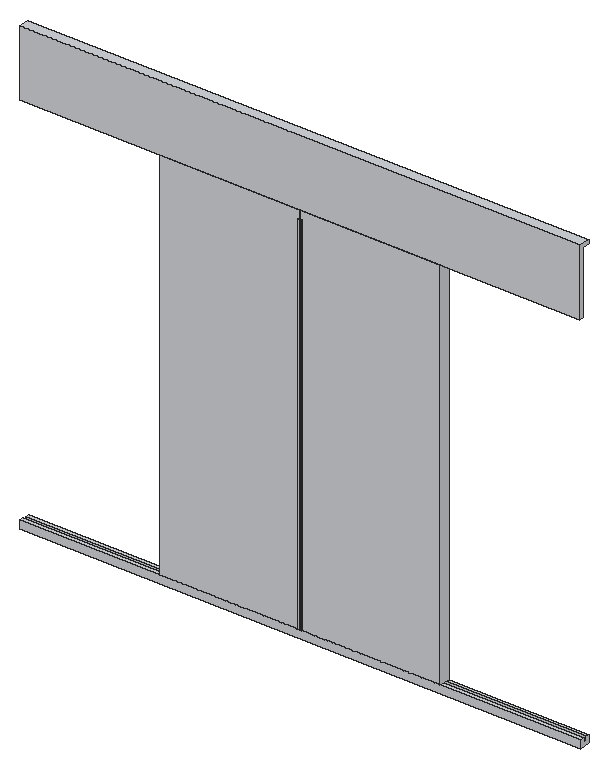
Revit family "Center Opening_2 Panels", category Generic Models, Revit 2021
Family settings
  Can host rebar = No
  Round Connector Dimension = Use Diameter
  Part Type = Normal
  Work Plane-Based = No
  Always vertical = Yes
  Cut with Voids When Loaded = No
  Shared = No
  Room Calculation Point = No
Parameters
  track width = 3200 mm
  sill-track width = (sill thickness - sill track gap) / 2  # 22 mm
  sill track gap = 16 mm
  sill thickness = 60 mm
  header width = 3200 mm
  header thickness = 60 mm
  header frame thickness = 20 mm
  framing width = 12 mm
  frame thickness = 1 mm
  door thickness = 60 mm
  Photocell = yes
  OperationType = "Not vertically sliding, Centre opening"
  Number of panel = 2
  Mechnical Safety Edge = yes
  Light Curtain/Photocell Brand = "BCA55 Y"
  Light Curtain = yes
  DoorLockOpenableFromPit = yes
  Door Width = 800 mm
  Door Height = 2150 mm
  Default Elevation = 0 mm
  Car Door Operator Model = "BCA Drive X"
  Car Door Operator Brand = "BCA brand"
Reference planes
  plane 1 "Center (Front/Back)": y = 0
  plane 2: z = 0
  plane 3 "Center (Left/Right)": x = 0
Forms (mm)
  Extrusion 1, solid
    sketch origin (0, 0, 0) x (0, 1, 0) y (0, 0, 1)
      loop
        line (0, 0) -> (0, -45) -> (60, -45) -> (60, 0) -> (38, 0) -> (38, -23.462) -> (22, -23.462) -> (22, 0) -> (0, 0)
    from -1600 to 1600
  Extrusion 2, solid
    sketch origin (0, 0, 0) x (1, 0, 0) y (0, 0, 1)
      loop
        line (0, 0) -> (800, 0) -> (800, 2150) -> (0, 2150) -> (0, 0)
    from 0 to -60
  Extrusion 3, solid
    sketch origin (0, 0, 0) x (-1, 0, 0) y (0, 0, -1)
      loop
        line (0, 0) -> (0, -2150) -> (800, -2150) -> (800, 0) -> (0, 0)
    from 0 to -60
  Extrusion 4, solid
    sketch origin (0, 0, 0) x (1, 0, 0) y (0, 0, 1)
      loop
        line (0, 2100) -> (0, 0) -> (12, 0) -> (12, 2100) -> (0, 2100)
    from 0 to 1
  Extrusion 5, solid
    sketch origin (0, 0, 0) x (-1, 0, 0) y (0, 0, -1)
      loop
        line (0, -2100) -> (12, -2100) -> (12, 0) -> (0, 0) -> (0, -2100)
    from 0 to 1
  Extrusion 6, solid
    sketch origin (0, 0, 0) x (0, 1, 0) y (0, 0, 1)
      loop
        line (-1, 2150) -> (19, 2150) -> (19, 2510) -> (59, 2510) -> (59, 2530) -> (-1, 2530) -> (-1, 2150)
    from -1600 to 1600
Dimensions and locks
  "sill thickness": Extrusion 1 to Extrusion 1
  "sill track gap": Extrusion 1 to Extrusion 1
  "sill-track width": Extrusion 1 to Extrusion 1
  Extrusion 1 to Extrusion 1 = 22 mm
  equal spacing: Extrusion 1, plane 3 "Center (Left/Right)", Extrusion 1
  "Door Height": Extrusion 2 to Extrusion 2
  "Door Width": Extrusion 2 to Extrusion 2
  "Door Width": Extrusion 3 to Extrusion 3
  "Door Height": Extrusion 3 to Extrusion 3
  "door thickness": Extrusion 3 to Extrusion 3  (x2)
  "frame thickness": Extrusion 3 to Extrusion 4
  "framing width": Extrusion 4 to Extrusion 4
  "framing width": Extrusion 5 to Extrusion 5
  "header frame thickness": Extrusion 6 to Extrusion 6  (x2)
  "header thickness": Extrusion 6 to Extrusion 6
  "track width": Extrusion 1 to Extrusion 1
  "header width": Extrusion 6 to Extrusion 6
  equal spacing: Extrusion 6, plane 3 "Center (Left/Right)", Extrusion 6
  aligned and locked: level to plane 2
  aligned and locked: plane 1 "Center (Front/Back)" to Extrusion 1
Automatic sketch dimensions
  Extrusion 1 sketch curve to level = 0 mm  (x2)
  Extrusion 1 sketch curve to plane 1 "Center (Front/Back)" = 0 mm
  Extrusion 1 sketch curve to Extrusion 1 sketch curve = 22 mm  (x2)
  Extrusion 1 sketch curve to Extrusion 1 sketch curve = 16 mm
  Extrusion 1 sketch curve to level = 23.462 mm
  Extrusion 1 sketch curve to Extrusion 1 sketch curve = 21.538 mm
  Extrusion 2 sketch curve to plane 3 "Center (Left/Right)" = 0 mm
  Extrusion 2 sketch curve to level = 0 mm
  plane 3 "Center (Left/Right)" to Extrusion 2 sketch curve = 800 mm
  level to Extrusion 2 sketch curve = 2150 mm
  Extrusion 3 sketch curve to plane 3 "Center (Left/Right)" = 0 mm
  Extrusion 3 sketch curve to level = 0 mm
  Extrusion 3 sketch curve to plane 3 "Center (Left/Right)" = 800 mm
  level to Extrusion 3 sketch curve = 2150 mm
  Extrusion 4 sketch curve to plane 3 "Center (Left/Right)" = 0 mm
  Extrusion 4 sketch curve to level = 0 mm
  plane 3 "Center (Left/Right)" to Extrusion 4 sketch curve = 12 mm
  level to Extrusion 4 sketch curve = 2100 mm
  Extrusion 5 sketch curve to plane 3 "Center (Left/Right)" = 0 mm
  Extrusion 5 sketch curve to level = 0 mm
  Extrusion 5 sketch curve to Extrusion 5 sketch curve = 12 mm
  level to Extrusion 5 sketch curve = 2100 mm
  plane 1 "Center (Front/Back)" to Extrusion 6 sketch curve = 1 mm
  Extrusion 6 sketch curve to plane 1 "Center (Front/Back)" = 19 mm
  Extrusion 6 sketch curve to Extrusion 6 sketch curve = 40 mm
  level to Extrusion 6 sketch curve = 2510 mm
  Extrusion 6 sketch curve to Extrusion 6 sketch curve = 20 mm
  Extrusion 6 sketch curve to Extrusion 6 sketch curve = 360 mm
